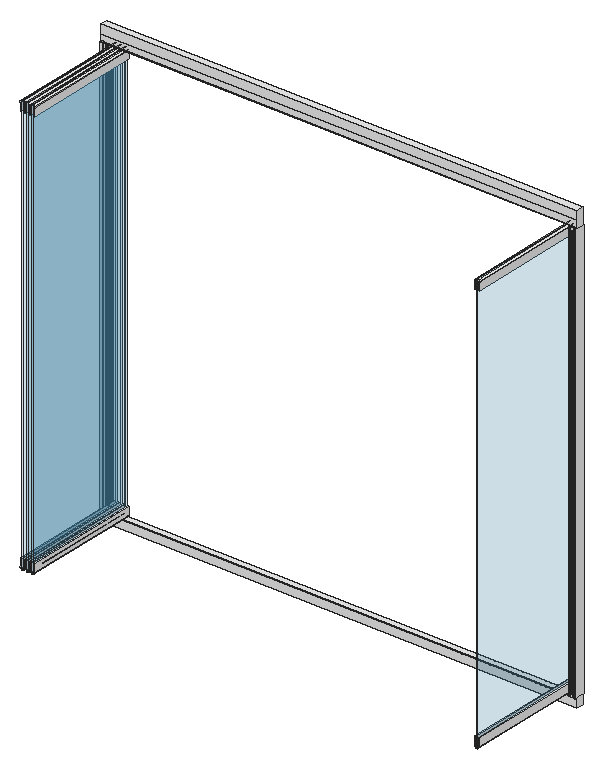
Revit family "98127", category Windows, host Wall, Revit 2018 (continued)
Definition of nested family "Header_SL-25"
  Definition of nested family "Detail Item_Header_SL-25"
    Lines and regions (in)
      model lines, in view "Ref. Level"
        curve 590: line (-0.37712, -6.81083, 0) -> (-0.42625, -6.81083, 0)
        curve 591: line (-0.42625, -6.81083, 0) -> (-0.37712, -6.81083, 0)
        curve 592: line (-0.27622, -6.77983, 0) -> (-0.2552, -6.75881, 0)
        curve 593: line (-0.50375, -6.69458, 0) -> (-0.50375, -6.22958, 0)
        curve 594: line (-0.50375, -6.22958, 0) -> (-0.50375, -6.69458, 0)
        curve 595: line (-0.50375, -6.69458, 0) -> (-0.50375, -6.22958, 0)
        curve 596: line (-0.44562, -5.00896, 0) -> (-0.44562, -5.24146, 0)
        curve 597: line (-0.44562, -5.24146, 0) -> (-0.44562, -5.00896, 0)
        curve 598: line (-0.44562, -5.00896, 0) -> (-0.44562, -5.24146, 0)
        curve 599: line (0.32163, -6.90771, 0) -> (0.32163, -6.92708, 0)
        curve 600: line (0.32163, -6.92708, 0) -> (0.39719, -6.92708, 0)
        curve 601: line (0.39719, -6.92708, 0) -> (0.43059, -6.83531, 0)
        curve 602: line (0.32938, -4.19521, 0) -> (0.39525, -4.19521, 0)
        curve 603: line (0.39525, -4.19521, 0) -> (0.39525, -4.23396, 0)
        curve 604: line (0.39525, -4.23396, 0) -> (0.34875, -4.23396, 0)
        curve 605: line (0.34875, -4.23396, 0) -> (0.34875, -4.29208, 0)
        curve 606: line (0.34875, -4.29208, 0) -> (0.56188, -4.29208, 0)
        curve 607: line (0.56188, -4.29208, 0) -> (0.56188, -4.23396, 0)
        curve 608: line (0.56188, -4.23396, 0) -> (0.51538, -4.23396, 0)
        curve 609: line (0.51538, -4.23396, 0) -> (0.51538, -4.19521, 0)
        curve 610: line (0.51538, -4.19521, 0) -> (0.62, -4.19521, 0)
        curve 611: line (0.62, -4.19521, 0) -> (0.62, -6.83021, 0)
        curve 612: line (0.29062, -4.23396, 0) -> (0.29062, -4.30018, 0)
        curve 613: line (0.40874, -4.36157, 0) -> (0.31935, -4.33761, 0)
        curve 614: line (0.50375, -4.34246, 0) -> (0.43666, -4.34246, 0)
        curve 615: line (0.43666, -4.34246, 0) -> (0.41573, -4.36002, 0)
        curve 616: line (0.5425, -6.83021, 0) -> (0.5425, -4.38121, 0)
        curve 617: line (0.44459, -6.83408, 0) -> (0.4855, -6.90495, 0)
        curve 618: line (0.89125, -1.12767, 0) -> (0.89125, -1.37274, 0)
        curve 619: line (-0.89125, -1.12767, 0) -> (-0.89125, -1.37274, 0)
        curve 620: line (-0.89125, -1.51517, 0) -> (-0.89125, -1.76024, 0)
        curve 621: line (-0.90094, -1.92348, 0) -> (-0.90094, -2.08333, 0)
        curve 622: line (-0.94937, -2.10271, 0) -> (-0.92031, -2.10271, 0)
        curve 623: line (0.89125, -1.51517, 0) -> (0.89125, -1.76024, 0)
        curve 624: line (0.90094, -1.92348, 0) -> (0.90094, -2.08333, 0)
        curve 625: line (0.92031, -2.10271, 0) -> (0.94938, -2.10271, 0)
        curve 626: line (-0.27706, -0.25821, 0) -> (-0.33906, -0.25821, 0)
        curve 627: line (-0.33906, -0.25821, 0) -> (-0.33906, -0.32796, 0)
        curve 628: line (-0.33906, -0.32796, 0) -> (-0.21312, -0.32796, 0)
        curve 629: line (-0.41656, -0.31633, 0) -> (-0.41656, -0.22333, 0)
        curve 630: line (-0.89125, -0.74017, 0) -> (-0.89125, -0.98524, 0)
        curve 631: line (-0.89125, -0.38949, 0) -> (-0.89125, -0.59774, 0)
        curve 632: line (-0.81808, -0.31823, 0) -> (-0.81347, -0.33543, 0)
        curve 633: line (-0.21312, -0.40546, 0) -> (-0.52312, -0.40546, 0)
        curve 634: line (-0.52312, -0.33571, 0) -> (-0.43594, -0.33571, 0)
        curve 635: line (-0.5425, -0.38608, 0) -> (-0.5425, -0.35508, 0)
        curve 636: line (-0.19375, -0.34733, 0) -> (-0.19375, -0.38608, 0)
        curve 637: line (-0.96875, -2.08333, 0) -> (-0.96875, -0.01021, 0)
        curve 638: line (-0.96875, -0.01021, 0) -> (-0.91062, -0.01021, 0)
        curve 639: line (-0.91062, -0.01021, 0) -> (-0.91062, -0.12646, 0)
        curve 640: line (-0.91062, -0.12646, 0) -> (-0.34681, -0.12646, 0)
        curve 641: line (-0.43594, -0.20396, 0) -> (-0.70572, -0.20396, 0)
        curve 642: line (-0.75978, -0.28173, 0) -> (-0.77698, -0.27713, 0)
        curve 643: line (0.25769, -0.23883, 0) -> (0.25769, -0.06058, 0)
        curve 644: line (0.25769, -0.06058, 0) -> (0.02014, -0.06058, 0)
        curve 645: line (0.02014, -0.06058, 0) -> (0, -0.04896, 0)
        curve 646: line (0, -0.04896, 0) -> (-0.02014, -0.06058, 0)
        curve 647: line (-0.02014, -0.06058, 0) -> (-0.25769, -0.06058, 0)
        curve 648: line (-0.25769, -0.06058, 0) -> (-0.25769, -0.23883, 0)
        curve 649: line (0.41656, -0.31633, 0) -> (0.41656, -0.22333, 0)
        curve 650: line (0.27706, -0.25821, 0) -> (0.33906, -0.25821, 0)
        curve 651: line (0.33906, -0.25821, 0) -> (0.33906, -0.32796, 0)
        curve 652: line (0.33906, -0.32796, 0) -> (0.21313, -0.32796, 0)
        curve 653: line (0.21313, -0.40546, 0) -> (0.52313, -0.40546, 0)
        curve 654: line (0.19375, -0.34733, 0) -> (0.19375, -0.38608, 0)
        curve 655: line (0.52313, -0.33571, 0) -> (0.43594, -0.33571, 0)
        curve 656: line (0.5425, -0.38608, 0) -> (0.5425, -0.35508, 0)
        curve 657: line (0.89125, -0.74017, 0) -> (0.89125, -0.98524, 0)
        curve 658: line (0.89125, -0.38949, 0) -> (0.89125, -0.59774, 0)
        curve 659: line (0.81808, -0.31823, 0) -> (0.81347, -0.33543, 0)
        curve 660: line (0.96875, -2.08333, 0) -> (0.96875, -0.01021, 0)
        curve 661: line (0.96875, -0.01021, 0) -> (0.91062, -0.01021, 0)
        curve 662: line (0.91062, -0.01021, 0) -> (0.91062, -0.12646, 0)
        curve 663: line (0.91062, -0.12646, 0) -> (0.34681, -0.12646, 0)
        curve 664: line (0.34681, -0.12646, 0) -> (0.34681, 0.02854, 0)
        curve 665: line (0.34681, 0.02854, 0) -> (-0.34681, 0.02854, 0)
        curve 666: line (-0.34681, 0.02854, 0) -> (-0.34681, -0.12646, 0)
        curve 667: line (0.43594, -0.20396, 0) -> (0.70572, -0.20396, 0)
        curve 668: line (0.75978, -0.28173, 0) -> (0.77698, -0.27713, 0)
        curve 669: line (-0.155, -0.32796, 0) -> (-0.155, -0.82783, 0)
        curve 670: line (-0.12594, -0.34346, 0) -> (-0.12594, -0.82783, 0)
        curve 671: line (0.12594, -0.34346, 0) -> (0.12594, -0.82783, 0)
        curve 672: line (0.155, -0.32796, 0) -> (0.155, -0.82783, 0)
        curve 673: line (0.25188, -1.06033, 0) -> (0.25188, -0.82783, 0)
        curve 674: line (0.25188, -0.82783, 0) -> (-0.25188, -0.82783, 0)
        curve 675: line (-0.25188, -0.82783, 0) -> (-0.25188, -1.06033, 0)
        curve 676: line (-0.25188, -1.03784, 0) -> (-0.22273, -1.04666, 0)
        curve 677: line (-0.22273, -1.04666, 0) -> (-0.1947, -1.05328, 0)
        curve 678: line (-0.1947, -1.05328, 0) -> (-0.16713, -1.05776, 0)
        curve 679: line (-0.16713, -1.05776, 0) -> (-0.13967, -1.06004, 0)
        curve 680: line (-0.13967, -1.06004, 0) -> (-0.11221, -1.06004, 0)
        curve 681: line (-0.11221, -1.06004, 0) -> (-0.08474, -1.05776, 0)
        curve 682: line (-0.08474, -1.05776, 0) -> (-0.05717, -1.05328, 0)
        curve 683: line (-0.05717, -1.05328, 0) -> (-0.02915, -1.04666, 0)
        curve 684: line (-0.02915, -1.04666, 0) -> (0, -1.03784, 0)
        curve 685: line (0.20203, -1.13783, 0) -> (-0.20203, -1.13783, 0)
        curve 686: line (-0.23726, -1.07154, 0) -> (-0.21278, -1.13066, 0)
        curve 687: line (-0.21278, -1.13066, 0) -> (0.21278, -1.13066, 0)
        curve 688: line (0.21278, -1.13066, 0) -> (0.23726, -1.07154, 0)
        curve 689: line (0.23726, -1.07154, 0) -> (-0.23726, -1.07154, 0)
        curve 690: line (0.25188, -1.06033, 0) -> (0.24219, -1.06592, 0)
        curve 691: line (0.24219, -1.06592, 0) -> (-0.24219, -1.06592, 0)
        curve 692: line (-0.24219, -1.06592, 0) -> (-0.25188, -1.06033, 0)
        curve 693: line (0.25188, -1.03784, 0) -> (0.22568, -1.04585, 0)
        curve 694: line (0.22568, -1.04585, 0) -> (0.20042, -1.05209, 0)
        curve 695: line (0.20042, -1.05209, 0) -> (0.17554, -1.05662, 0)
        curve 696: line (0.17554, -1.05662, 0) -> (0.15074, -1.05939, 0)
        curve 697: line (0.15074, -1.05939, 0) -> (0.12594, -1.06033, 0)
        curve 698: line (0.12594, -1.06033, 0) -> (0.101, -1.05938, 0)
        curve 699: line (0.101, -1.05938, 0) -> (0.07612, -1.05659, 0)
        curve 700: line (0.07612, -1.05659, 0) -> (0.0512, -1.05203, 0)
        curve 701: line (0.0512, -1.05203, 0) -> (0.026, -1.0458, 0)
        curve 702: line (0.026, -1.0458, 0) -> (0, -1.03784, 0)
        curve 703: line (0, -1.03784, 0) -> (0, -0.85033, 0)
        curve 704: line (0, -0.85033, 0) -> (-0.02635, -0.84227, 0)
        curve 705: line (-0.02635, -0.84227, 0) -> (-0.05166, -0.83603, 0)
        curve 706: line (-0.05166, -0.83603, 0) -> (-0.07652, -0.83152, 0)
        curve 707: line (-0.07652, -0.83152, 0) -> (-0.10124, -0.82876, 0)
        curve 708: line (-0.10124, -0.82876, 0) -> (-0.12594, -0.82783, 0)
        curve 709: line (-0.12594, -0.82783, 0) -> (-0.15064, -0.82876, 0)
        curve 710: line (-0.15064, -0.82876, 0) -> (-0.17536, -0.83152, 0)
        curve 711: line (-0.17536, -0.83152, 0) -> (-0.20022, -0.83603, 0)
        curve 712: line (-0.20022, -0.83603, 0) -> (-0.22553, -0.84227, 0)
        curve 713: line (-0.22553, -0.84227, 0) -> (-0.25188, -0.85033, 0)
        curve 714: line (0.25188, -0.85033, 0) -> (0.22568, -0.84231, 0)
        curve 715: line (0.22568, -0.84231, 0) -> (0.20042, -0.83608, 0)
        curve 716: line (0.20042, -0.83608, 0) -> (0.17554, -0.83154, 0)
        curve 717: line (0.17554, -0.83154, 0) -> (0.15074, -0.82877, 0)
        curve 718: line (0.15074, -0.82877, 0) -> (0.12594, -0.82783, 0)
        curve 719: line (0.12594, -0.82783, 0) -> (0.101, -0.82878, 0)
        curve 720: line (0.101, -0.82878, 0) -> (0.07612, -0.83158, 0)
        curve 721: line (0.07612, -0.83158, 0) -> (0.0512, -0.83613, 0)
        curve 722: line (0.0512, -0.83613, 0) -> (0.026, -0.84237, 0)
        curve 723: line (0.026, -0.84237, 0) -> (0, -0.85033, 0)
        curve 724: line (0.155, -0.34346, 0) -> (-0.155, -0.34346, 0)
        curve 725: line (0.2325, -0.07221, 0) -> (-0.2325, -0.07221, 0)
        curve 726: line (0.31, -0.32796, 0) -> (-0.31, -0.32796, 0)
        curve 727: line (-0.31, -0.32796, 0) -> (-0.31, -0.26596, 0)
        curve 728: line (-0.31, -0.26596, 0) -> (0.31, -0.26596, 0)
        curve 729: line (0.31, -0.26596, 0) -> (0.31, -0.32796, 0)
        curve 730: line (-0.25187, -0.09158, 0) -> (-0.25187, -0.26596, 0)
        curve 731: line (0.25188, -0.09158, 0) -> (0.25188, -0.26596, 0)
        curve 732: line (0.60644, -3.96271, 0) -> (0.60644, -3.92396, 0)
        curve 733: line (0.60644, -3.92396, 0) -> (0.42044, -3.92396, 0)
        curve 734: line (0.42044, -3.92396, 0) -> (0.42044, -3.96271, 0)
        curve 735: line (0.42044, -3.96271, 0) -> (0.60644, -3.96271, 0)
        curve 736: line (0.47409, -3.96271, 0) -> (0.43309, -4.19521, 0)
        curve 737: line (0.49376, -3.96271, 0) -> (0.45277, -4.19521, 0)
        curve 738: line (0.51344, -4.19521, 0) -> (0.51344, -3.96271, 0)
        curve 739: line (0.51344, -3.96271, 0) -> (0.47244, -4.19521, 0)
        curve 740: line (0.51344, -3.96271, 0) -> (0.55443, -4.19521, 0)
        curve 741: line (0.53311, -3.96271, 0) -> (0.57411, -4.19521, 0)
        curve 742: line (0.55279, -3.96271, 0) -> (0.59378, -4.19521, 0)
        curve 743: line (-0.42044, -3.96271, 0) -> (-0.42044, -3.92396, 0)
        curve 744: line (-0.42044, -3.92396, 0) -> (-0.60644, -3.92396, 0)
        curve 745: line (-0.60644, -3.92396, 0) -> (-0.60644, -3.96271, 0)
        curve 746: line (-0.60644, -3.96271, 0) -> (-0.42044, -3.96271, 0)
        curve 747: line (-0.55279, -3.96271, 0) -> (-0.59378, -4.19521, 0)
        curve 748: line (-0.53311, -3.96271, 0) -> (-0.57411, -4.19521, 0)
        curve 749: line (-0.51344, -4.19521, 0) -> (-0.51344, -3.96271, 0)
        curve 750: line (-0.51344, -3.96271, 0) -> (-0.55443, -4.19521, 0)
        curve 751: line (-0.51344, -3.96271, 0) -> (-0.47244, -4.19521, 0)
        curve 752: line (-0.49376, -3.96271, 0) -> (-0.45277, -4.19521, 0)
        curve 753: line (-0.47409, -3.96271, 0) -> (-0.43309, -4.19521, 0)
        curve 754: line (-0.19375, -6.92708, 0) -> (-0.19375, -6.94978, 0)
        curve 755: line (-0.19375, -6.86896, 0) -> (-0.20507, -6.90291, 0)
        curve 756: line (-0.19375, -6.81083, 0) -> (-0.20507, -6.84479, 0)
        curve 757: line (-0.19502, -6.75653, 0) -> (-0.20507, -6.78666, 0)
        curve 758: line (-0.20295, -6.73408, 0) -> (-0.21006, -6.72953, 0)
        curve 759: line (-0.23683, -6.73539, 0) -> (-0.26819, -6.78433, 0)
        curve 760: line (-0.26819, -6.91484, 0) -> (-0.25187, -6.9403, 0)
        curve 761: line (-0.25187, -6.94368, 0) -> (-0.25187, -6.96583, 0)
        curve 762: line (-0.25187, -6.96583, 0) -> (-0.25187, -6.97718, 0)
        curve 763: line (-0.2188, -6.99088, 0) -> (-0.2051, -6.97718, 0)
        curve 764: line (-0.29062, -6.28771, 0) -> (-0.29062, -6.29546, 0)
        curve 765: line (-0.29062, -6.33421, 0) -> (-0.29062, -6.51246, 0)
        curve 766: line (-0.29062, -6.55121, 0) -> (-0.29062, -6.55896, 0)
        curve 767: line (-0.42625, -6.61708, 0) -> (-0.42625, -6.69458, 0)
        curve 768: line (-0.42625, -6.69458, 0) -> (-0.42625, -6.61708, 0)
        curve 769: line (-0.42625, -6.61708, 0) -> (-0.43804, -6.61708, 0)
        curve 770: line (-0.43804, -6.61708, 0) -> (-0.48437, -6.61708, 0)
        curve 771: line (-0.48437, -6.61708, 0) -> (-0.48437, -6.53958, 0)
        curve 772: line (-0.48437, -6.53721, 0) -> (-0.48437, -6.5202, 0)
        curve 773: line (-0.48437, -6.5202, 0) -> (-0.48437, -6.42333, 0)
        curve 774: line (-0.48437, -6.42333, 0) -> (-0.48437, -6.32646, 0)
        curve 775: line (-0.48437, -6.32646, 0) -> (-0.48437, -6.30946, 0)
        curve 776: line (-0.48437, -6.30708, 0) -> (-0.48437, -6.22958, 0)
        curve 777: line (-0.48437, -6.22958, 0) -> (-0.43804, -6.22958, 0)
        curve 778: line (-0.43804, -6.22958, 0) -> (-0.29062, -6.22958, 0)
        curve 779: line (-0.34875, -6.61708, 0) -> (-0.29062, -6.61708, 0)
        curve 780: line (-0.2325, -6.29546, 0) -> (-0.29837, -6.29546, 0)
        curve 781: line (-0.29837, -6.29546, 0) -> (-0.29837, -6.26446, 0)
        curve 782: line (-0.31, -6.25774, 0) -> (-0.40486, -6.31251, 0)
        curve 783: line (-0.39905, -6.33421, 0) -> (-0.2325, -6.33421, 0)
        curve 784: line (-0.2325, -6.51246, 0) -> (-0.39905, -6.51246, 0)
        curve 785: line (-0.40486, -6.53415, 0) -> (-0.31, -6.58892, 0)
        curve 786: line (-0.29837, -6.58221, 0) -> (-0.29837, -6.55121, 0)
        curve 787: line (-0.29837, -6.55121, 0) -> (-0.2325, -6.55121, 0)
        curve 788: line (-0.19375, -5.51271, 0) -> (-0.19375, -5.47396, 0)
        curve 789: line (-0.19375, -5.47396, 0) -> (-0.2325, -5.47396, 0)
        curve 790: line (-0.2325, -5.47396, 0) -> (-0.2325, -5.70646, 0)
        curve 791: line (-0.2325, -5.70646, 0) -> (-0.2325, -5.91958, 0)
        curve 792: line (-0.2325, -5.91958, 0) -> (-0.2325, -6.15208, 0)
        curve 793: line (-0.2325, -6.15208, 0) -> (-0.2325, -6.26833, 0)
        curve 794: line (-0.2325, -6.26833, 0) -> (-0.2325, -6.57833, 0)
        curve 795: line (-0.2325, -6.57833, 0) -> (-0.2325, -6.70401, 0)
        curve 796: line (-0.2325, -6.65583, 0) -> (-0.21312, -6.65583, 0)
        curve 797: line (-0.21312, -6.65583, 0) -> (-0.19375, -6.61708, 0)
        curve 798: line (-0.19375, -6.61708, 0) -> (-0.19375, -5.59021, 0)
        curve 799: line (-0.19375, -5.59021, 0) -> (-0.19375, -5.51271, 0)
        curve 800: line (-0.19375, -5.51271, 0) -> (0.19375, -5.51271, 0)
        curve 801: line (0.19375, -5.51271, 0) -> (0.19375, -5.47396, 0)
        curve 802: line (0.19375, -5.47396, 0) -> (-0.19375, -5.47396, 0)
        curve 803: line (0.52506, -6.84705, 0) -> (0.52506, -6.82702, 0)
        curve 804: line (0.52506, -6.82702, 0) -> (0.50676, -6.79531, 0)
        curve 805: line (0.39719, -6.82246, 0) -> (0.45531, -6.82246, 0)
        curve 806: line (0.45531, -6.82246, 0) -> (0.47695, -6.85994, 0)
        curve 807: line (0.37781, -6.79146, 0) -> (0.37781, -6.80308, 0)
        curve 808: line (0.14531, -5.27052, 0) -> (0.14531, -5.32864, 0)
        curve 809: line (0.36813, -4.43933, 0) -> (0.37781, -4.43933, 0)
        curve 810: line (0.37781, -4.43933, 0) -> (0.37781, -5.13734, 0)
        curve 811: line (0.37781, -5.13734, 0) -> (0.24219, -5.25114, 0)
        curve 812: line (0.24219, -5.25114, 0) -> (0.16469, -5.25114, 0)
        curve 813: line (0.34875, -4.40058, 0) -> (0.34875, -4.41996, 0)
        curve 814: line (0.42869, -4.35939, 0) -> (0.40688, -4.38121, 0)
        curve 815: line (0.40688, -4.38121, 0) -> (0.36813, -4.38121, 0)
        curve 816: line (0.45531, -6.24896, 0) -> (0.45531, -6.22958, 0)
        curve 817: line (0.45531, -6.22958, 0) -> (0.47469, -6.21021, 0)
        curve 818: line (0.47469, -6.21021, 0) -> (0.47469, -5.41665, 0)
        curve 819: line (0.47469, -5.41665, 0) -> (0.35844, -5.3191, 0)
        curve 820: line (0.35844, -5.3191, 0) -> (0.35844, -5.28006, 0)
        curve 821: line (0.35844, -5.28006, 0) -> (0.47469, -5.18251, 0)
        curve 822: line (0.47469, -5.18251, 0) -> (0.47469, -4.81597, 0)
        curve 823: line (0.47469, -4.81597, 0) -> (0.46306, -4.79583, 0)
        curve 824: line (0.46306, -4.79583, 0) -> (0.47469, -4.7757, 0)
        curve 825: line (0.47469, -4.7757, 0) -> (0.47469, -4.44708, 0)
        curve 826: line (0.47469, -4.44708, 0) -> (0.50569, -4.44708, 0)
        curve 827: line (0.27125, -4.92177, 0) -> (0.27125, -4.66989, 0)
        curve 828: line (-0.34875, -4.778, 0) -> (-0.34875, -4.81366, 0)
        curve 829: line (0.27125, -4.52458, 0) -> (0.27125, -4.7757, 0)
        curve 830: line (0.27125, -4.7757, 0) -> (0.27125, -4.81597, 0)
        curve 831: line (0.155, -3.18771, 0) -> (0.155, -3.20771, 0)
        curve 832: line (-0.155, -3.18771, 0) -> (-0.155, -3.20771, 0)
        curve 833: line (-0.32937, -3.38146, 0) -> (-0.38033, -3.35204, 0)
        curve 834: line (-0.38033, -3.35204, 0) -> (-0.38033, -3.21713, 0)
        curve 835: line (-0.38033, -3.21713, 0) -> (-0.32937, -3.18771, 0)
        curve 836: line (-0.32937, -3.18771, 0) -> (-0.31, -3.18771, 0)
        curve 837: line (-0.31, -3.18771, 0) -> (-0.28525, -3.18771, 0)
        curve 838: line (-0.28525, -3.18771, 0) -> (0, -3.18771, 0)
        curve 839: line (0, -3.18771, 0) -> (0.28525, -3.18771, 0)
        curve 840: line (0.28525, -3.18771, 0) -> (0.31, -3.18771, 0)
        curve 841: line (0.31, -3.18771, 0) -> (0.32937, -3.18771, 0)
        curve 842: line (0.32937, -3.18771, 0) -> (0.38033, -3.21713, 0)
        curve 843: line (0.38033, -3.21713, 0) -> (0.38033, -3.35204, 0)
        curve 844: line (0.32938, -3.38146, 0) -> (0.33664, -3.37726, 0)
        curve 845: line (0.33664, -3.37726, 0) -> (0.38033, -3.35204, 0)
        curve 846: line (-0.19016, -3.21713, 0) -> (-0.19016, -3.35204, 0)
        curve 847: line (0.19016, -3.21713, 0) -> (0.19016, -3.35204, 0)
        curve 848: line (-0.3875, -2.49021, 0) -> (-0.3875, -2.36837, 0)
        curve 849: line (-0.3875, -2.36837, 0) -> (-0.3875, -2.49021, 0)
        curve 850: line (0.3875, -2.49021, 0) -> (0.3875, -2.36837, 0)
        curve 851: line (0.3875, -2.36837, 0) -> (0.3875, -2.49021, 0)
        curve 852: line (0.3875, -3.16833, 0) -> (0.3875, -2.98837, 0)
        curve 853: line (0.3875, -2.98837, 0) -> (0.3875, -3.16833, 0)
        curve 854: line (0.3875, -3.16833, 0) -> (0.32938, -3.16833, 0)
        curve 855: line (0.32938, -3.16833, 0) -> (-0.32937, -3.16833, 0)
        curve 856: line (-0.32937, -3.16833, 0) -> (-0.3875, -3.16833, 0)
        curve 857: line (-0.3875, -3.16833, 0) -> (-0.3875, -2.98837, 0)
        curve 858: line (-0.3875, -2.98837, 0) -> (-0.3875, -3.16833, 0)
        curve 859: line (-0.31, -3.18771, 0) -> (-0.32937, -3.16833, 0)
        curve 860: line (-0.32937, -3.16833, 0) -> (-0.31, -3.18771, 0)
        curve 861: line (0.31, -3.18771, 0) -> (0.32938, -3.16833, 0)
        curve 862: line (0.32938, -3.16833, 0) -> (0.31, -3.18771, 0)
        curve 863: line (0.65132, -3.82708, 0) -> (0.65907, -3.78313, 0)
        curve 864: line (0.62, -3.18771, 0) -> (0.62, -3.24583, 0)
        curve 865: line (0.6665, -3.82708, 0) -> (0.6665, -3.16833, 0)
        curve 866: line (0.6665, -3.16833, 0) -> (0.63938, -3.16833, 0)
        curve 867: line (0.52313, -3.74958, 0) -> (0.53475, -3.74958, 0)
        curve 868: line (0.53475, -3.74958, 0) -> (0.53475, -3.70563, 0)
        curve 869: line (0.53475, -3.70563, 0) -> (0.52313, -3.70563, 0)
        curve 870: line (0.73625, -3.82708, 0) -> (0.53475, -3.82708, 0)
        curve 871: line (0.53475, -3.82708, 0) -> (0.53475, -3.78313, 0)
        curve 872: line (0.53475, -3.78313, 0) -> (0.53475, -3.74958, 0)
        curve 873: line (0.52313, -3.36728, 0) -> (0.53475, -3.36728, 0)
        curve 874: line (0.53475, -3.36728, 0) -> (0.53475, -3.28978, 0)
        curve 875: line (0.53475, -3.28978, 0) -> (0.53475, -3.24583, 0)
        curve 876: line (0.53475, -3.24583, 0) -> (0.65132, -3.24583, 0)
        curve 877: line (0.65132, -3.24583, 0) -> (0.65907, -3.28978, 0)
        curve 878: line (0.65907, -3.28978, 0) -> (0.65907, -3.78313, 0)
        curve 879: line (0.65907, -3.78313, 0) -> (0.65132, -3.78313, 0)
        curve 880: line (0.65132, -3.78313, 0) -> (0.53475, -3.78313, 0)
        curve 881: line (0.73625, -3.24583, 0) -> (0.6975, -3.24583, 0)
        curve 882: line (0.6975, -3.24583, 0) -> (0.6975, -3.18771, 0)
        curve 883: line (0.53475, -3.32333, 0) -> (0.52313, -3.32333, 0)
        curve 884: line (0.465, -3.32333, 0) -> (0.44563, -3.32333, 0)
        curve 885: line (0.44563, -3.32333, 0) -> (0.3875, -3.32333, 0)
        curve 886: line (0.3875, -3.32333, 0) -> (0.3875, -3.74958, 0)
        curve 887: line (0.3875, -3.74958, 0) -> (0.44563, -3.74958, 0)
        curve 888: line (0.44563, -3.74958, 0) -> (0.465, -3.74958, 0)
        curve 889: line (0.53475, -3.28978, 0) -> (0.65132, -3.28978, 0)
        curve 890: line (0.65132, -3.28978, 0) -> (0.65907, -3.28978, 0)
        curve 891: line (0.44563, -3.32333, 0) -> (0.44563, -3.74958, 0)
        curve 892: line (0.45225, -2.98837, 0) -> (0.47547, -2.97992, 0)
        curve 893: line (0.47547, -2.97992, 0) -> (0.45225, -2.98837, 0)
        curve 894: line (0.45225, -2.98837, 0) -> (-0.45225, -2.98837, 0)
        curve 895: line (-0.45225, -2.98837, 0) -> (-0.6572, -2.91377, 0)
        curve 896: line (-0.6572, -2.91377, 0) -> (-0.6975, -2.87347, 0)
        curve 897: line (-0.6975, -2.87347, 0) -> (-0.6975, -2.50958, 0)
        curve 898: line (-0.6975, -2.50958, 0) -> (-0.67812, -2.49021, 0)
        curve 899: line (-0.67812, -2.49021, 0) -> (-0.6975, -2.50958, 0)
        curve 900: line (-0.6975, -2.50958, 0) -> (-0.6975, -2.87347, 0)
        curve 901: line (-0.6975, -2.87347, 0) -> (-0.6572, -2.91377, 0)
        curve 902: line (-0.6572, -2.91377, 0) -> (-0.45225, -2.98837, 0)
        curve 903: line (0.67813, -2.49021, 0) -> (0.6975, -2.50958, 0)
        curve 904: line (0.6975, -2.50958, 0) -> (0.6975, -2.87347, 0)
        curve 905: line (0.6975, -2.87347, 0) -> (0.65758, -2.91339, 0)
        curve 906: line (0.65758, -2.91339, 0) -> (0.6975, -2.87347, 0)
        curve 907: line (0.6975, -2.87347, 0) -> (0.6975, -2.50958, 0)
        curve 908: line (0.6975, -2.50958, 0) -> (0.67813, -2.49021, 0)
        curve 909: line (0.67813, -2.49021, 0) -> (0.66069, -2.49021, 0)
        curve 910: line (0.66069, -2.49021, 0) -> (-0.66069, -2.49021, 0)
        curve 911: line (-0.66069, -2.49021, 0) -> (-0.67812, -2.49021, 0)
        curve 912: line (0.6975, -2.87347, 0) -> (-0.6975, -2.87347, 0)
        curve 913: line (0.65653, -2.91377, 0) -> (-0.6572, -2.91377, 0)
        curve 914: line (0.6975, -2.50958, 0) -> (0.61225, -2.50958, 0)
        curve 915: line (0.61225, -2.50958, 0) -> (0.59094, -2.50958, 0)
        curve 916: line (0.59094, -2.50958, 0) -> (-0.59094, -2.50958, 0)
        curve 917: line (-0.59094, -2.50958, 0) -> (-0.61225, -2.50958, 0)
        curve 918: line (-0.61225, -2.50958, 0) -> (-0.6975, -2.50958, 0)
        curve 919: line (-0.67812, -1.87021, 0) -> (-0.66069, -1.87021, 0)
        curve 920: line (-0.66069, -1.87021, 0) -> (-0.38749, -1.87021, 0)
        curve 921: line (-0.38749, -1.87021, 0) -> (0, -1.87021, 0)
        curve 922: line (0, -1.87021, 0) -> (0.38749, -1.87021, 0)
        curve 923: line (0.38749, -1.87021, 0) -> (0.66069, -1.87021, 0)
        curve 924: line (0.66069, -1.87021, 0) -> (0.67813, -1.87021, 0)
        curve 925: line (0.67813, -1.87021, 0) -> (0.6975, -1.88958, 0)
        curve 926: line (0.6975, -1.88958, 0) -> (0.6975, -2.25347, 0)
        curve 927: line (0.6975, -2.25347, 0) -> (0.6572, -2.29377, 0)
        curve 928: line (0.6572, -2.29377, 0) -> (0.45225, -2.36837, 0)
        curve 929: line (-0.6975, -1.88958, 0) -> (-0.6975, -2.25347, 0)
        curve 930: line (-0.6975, -2.25347, 0) -> (-0.65758, -2.29339, 0)
        curve 931: line (0.67813, -1.87021, 0) -> (0.6975, -1.88958, 0)
        curve 932: line (0.6975, -1.88958, 0) -> (0.6975, -2.25347, 0)
        curve 933: line (0.6975, -2.25347, 0) -> (0.6572, -2.29377, 0)
        curve 934: line (0.6572, -2.29377, 0) -> (0.45225, -2.36837, 0)
        curve 935: line (0.45225, -2.36837, 0) -> (-0.45225, -2.36837, 0)
        curve 936: line (-0.45225, -2.36837, 0) -> (-0.47557, -2.35988, 0)
        curve 937: line (-0.47557, -2.35988, 0) -> (-0.45225, -2.36837, 0)
        curve 938: line (0.6975, -2.25347, 0) -> (-0.6975, -2.25347, 0)
        curve 939: line (0.6572, -2.29377, 0) -> (-0.65653, -2.29377, 0)
        curve 940: line (0.6975, -1.88958, 0) -> (0.61225, -1.88958, 0)
        curve 941: line (0.61225, -1.88958, 0) -> (0.59094, -1.88958, 0)
        curve 942: line (0.59094, -1.88958, 0) -> (0.38751, -1.88958, 0)
        curve 943: line (0.38751, -1.88958, 0) -> (-0.3875, -1.88958, 0)
        curve 944: line (-0.3875, -1.88958, 0) -> (-0.59094, -1.88958, 0)
        curve 945: line (-0.59094, -1.88958, 0) -> (-0.61225, -1.88958, 0)
        curve 946: line (-0.61225, -1.88958, 0) -> (-0.6975, -1.88958, 0)
        curve 947: line (-0.6975, -1.88958, 0) -> (-0.67812, -1.87021, 0)
        curve 948: line (-0.67812, -1.87021, 0) -> (-0.6975, -1.88958, 0)
        curve 949: line (-0.6975, -1.88958, 0) -> (-0.6975, -2.25347, 0)
        curve 950: line (-0.6975, -2.25347, 0) -> (-0.65758, -2.29339, 0)
        curve 951: line (0.27125, -4.7757, 0) -> (0.25963, -4.79583, 0)
        curve 952: line (0.25963, -4.79583, 0) -> (0.27125, -4.81597, 0)
        curve 953: line (0.27125, -4.81597, 0) -> (0.27125, -4.98958, 0)
        curve 954: line (0.27125, -4.98958, 0) -> (0.27125, -5.00896, 0)
        curve 955: line (0.27125, -5.00896, 0) -> (0.27125, -5.06708, 0)
        curve 956: line (-0.31, -5.10583, 0) -> (-0.02014, -5.10583, 0)
        curve 957: line (-0.02014, -5.10583, 0) -> (0, -5.09421, 0)
        curve 958: line (0, -5.09421, 0) -> (0.02014, -5.10583, 0)
        curve 959: line (0.02014, -5.10583, 0) -> (0.2325, -5.10583, 0)
        curve 960: line (-0.40687, -5.20271, 0) -> (-0.36812, -5.20271, 0)
        curve 961: line (-0.42625, -5.18333, 0) -> (-0.42625, -5.06708, 0)
        curve 962: line (-0.42625, -5.06708, 0) -> (-0.34875, -4.98958, 0)
        curve 963: line (-0.34875, -4.98958, 0) -> (-0.34875, -4.81597, 0)
        curve 964: line (-0.34875, -4.81597, 0) -> (-0.33712, -4.79583, 0)
        curve 965: line (-0.33712, -4.79583, 0) -> (-0.34875, -4.7757, 0)
        curve 966: line (-0.34875, -4.7757, 0) -> (-0.34875, -4.60208, 0)
        curve 967: line (-0.34875, -4.60208, 0) -> (-0.42625, -4.52458, 0)
        curve 968: line (-0.42625, -4.52458, 0) -> (-0.42625, -4.40833, 0)
        curve 969: line (0.33906, -3.38146, 0) -> (0.36813, -3.38146, 0)
        curve 970: line (0.36813, -3.69146, 0) -> (0.33906, -3.69146, 0)
        curve 971: line (0.33906, -3.69146, 0) -> (-0.34875, -3.69146, 0)
        curve 972: line (0.155, -4.21458, 0) -> (0.21312, -4.21458, 0)
        curve 973: line (0.21313, -4.21458, 0) -> (0.155, -4.21458, 0)
        curve 974: line (0.155, -4.21458, 0) -> (-0.155, -4.21458, 0)
        curve 975: line (-0.155, -4.21458, 0) -> (-0.21312, -4.21458, 0)
        curve 976: line (-0.21312, -4.21458, 0) -> (-0.155, -4.21458, 0)
        curve 977: line (-0.155, -4.21458, 0) -> (0.155, -4.21458, 0)
        curve 978: line (0.33906, -3.69146, 0) -> (-0.34875, -3.69146, 0)
        curve 979: line (0.23638, -3.38146, 0) -> (0.26034, -3.38146, 0)
        curve 980: line (0.26034, -3.38146, 0) -> (0.28525, -3.38146, 0)
        curve 981: line (0.28525, -3.38146, 0) -> (0.30952, -3.38146, 0)
        curve 982: line (0.30952, -3.38146, 0) -> (0.32938, -3.38146, 0)
        curve 983: line (0.32938, -3.38146, 0) -> (0.33906, -3.38146, 0)
        curve 984: line (0.33906, -3.38146, 0) -> (0.32938, -3.38146, 0)
        curve 985: line (0.32938, -3.38146, 0) -> (0.30952, -3.38146, 0)
        curve 986: line (0.30952, -3.38146, 0) -> (0.28525, -3.38146, 0)
        curve 987: line (0.28525, -3.38146, 0) -> (0.26034, -3.38146, 0)
        curve 988: line (0.26034, -3.38146, 0) -> (-0.67812, -3.38146, 0)
        curve 989: line (-0.67253, -3.38146, 0) -> (-0.63655, -3.38146, 0)
        curve 990: line (-0.63655, -3.38146, 0) -> (-0.67812, -3.38146, 0)
        curve 991: line (0.31, -4.05958, 0) -> (0.31, -4.09031, 0)
        curve 992: line (0.31, -4.09031, 0) -> (0.31, -4.05958, 0)
        curve 993: line (0.31, -4.05958, 0) -> (0.31, -3.73021, 0)
        curve 994: line (0.31, -3.73021, 0) -> (0.31, -4.05958, 0)
        curve 995: line (-0.31, -4.09031, 0) -> (-0.31, -4.05958, 0)
        curve 996: line (-0.31, -4.05958, 0) -> (-0.31, -3.73021, 0)
        curve 997: line (-0.31, -3.73021, 0) -> (-0.31, -4.05958, 0)
        curve 998: line (-0.31, -4.05958, 0) -> (-0.31, -4.09031, 0)
        curve 999: line (-0.2325, -4.46646, 0) -> (-0.2325, -4.23396, 0)
        curve 1000: line (-0.2325, -4.23396, 0) -> (-0.2325, -4.20793, 0)
        curve 1001: line (-0.30433, -4.10401, 0) -> (-0.2552, -4.15313, 0)
        curve 1002: line (0.2552, -4.15313, 0) -> (0.30433, -4.10401, 0)
        curve 1003: line (-0.6975, -3.40083, 0) -> (-0.6975, -3.67208, 0)
        curve 1004: line (0.2325, -4.46646, 0) -> (0.2325, -4.23396, 0)
        curve 1005: line (0.2325, -4.23396, 0) -> (0.2325, -4.20793, 0)
        curve 1006: line (-0.02014, -4.48583, 0) -> (0.02014, -4.48583, 0)
        curve 1007: line (0.67813, -3.16833, 0) -> (0.6665, -3.16833, 0)
        curve 1008: line (0.775, -3.28458, 0) -> (0.775, -3.78833, 0)
        curve 1009: line (0.155, -3.36145, 0) -> (0.155, -3.38146, 0)
        curve 1010: line (-0.155, -3.36145, 0) -> (-0.155, -3.38146, 0)
        curve 1011: line (0.47469, -5.18028, 0) -> (0.50569, -5.15427, 0)
        curve 1012: line (0.50569, -5.15427, 0) -> (0.50569, -5.21046, 0)
        curve 1013: line (0.50569, -5.21046, 0) -> (0.50569, -5.21932, 0)
        curve 1014: line (0.50569, -5.21932, 0) -> (0.50569, -5.29958, 0)
        curve 1015: line (0.50569, -5.29958, 0) -> (0.50569, -5.37984, 0)
        curve 1016: line (0.50569, -5.37984, 0) -> (0.50569, -5.38871, 0)
        curve 1017: line (0.50569, -5.38871, 0) -> (0.50569, -5.44489, 0)
        curve 1018: line (0.50569, -5.44489, 0) -> (0.47469, -5.41888, 0)
        curve 1019: line (0.16255, -5.35616, 0) -> (0.15605, -5.35616, 0)
        curve 1020: line (0.2168, -5.35616, 0) -> (0.20798, -5.35616, 0)
        curve 1021: line (0.25189, -5.35616, 0) -> (0.24011, -5.35616, 0)
        curve 1022: line (0.24501, -5.24301, 0) -> (0.23296, -5.24301, 0)
        curve 1023: line (0.19076, -5.24301, 0) -> (0.18201, -5.24301, 0)
        curve 1024: line (0.13651, -5.24301, 0) -> (0.13009, -5.24301, 0)
        curve 1025: line (0.05812, -5.24339, 0) -> (0.00194, -5.29958, 0)
        curve 1026: line (0.00194, -5.29958, 0) -> (0.05851, -5.35616, 0)
        curve 1027: line (0.05851, -5.35616, 0) -> (0.07412, -5.35616, 0)
        curve 1028: line (0.05851, -5.35616, 0) -> (0.05851, -5.29958, 0)
        curve 1029: line (0.05851, -5.29958, 0) -> (0.05851, -5.24339, 0)
        curve 1030: line (0.25495, -5.22456, 0) -> (0.25035, -5.23233, 0)
        curve 1031: line (0.25035, -5.23233, 0) -> (0.24614, -5.23936, 0)
        curve 1032: line (0.26181, -5.23226, 0) -> (0.25779, -5.22546, 0)
        curve 1033: line (0.21565, -5.35426, 0) -> (0.21901, -5.3598, 0)
        curve 1034: line (0.21901, -5.3598, 0) -> (0.22349, -5.36727, 0)
        curve 1035: line (0.1961, -5.23233, 0) -> (0.19188, -5.23937, 0)
        curve 1036: line (0.16132, -5.35414, 0) -> (0.16476, -5.3598, 0)
        curve 1037: line (0.16476, -5.3598, 0) -> (0.16897, -5.36683, 0)
        curve 1038: line (0.14185, -5.23233, 0) -> (0.13764, -5.23937, 0)
        curve 1039: line (0.10715, -5.35427, 0) -> (0.11051, -5.35979, 0)
        curve 1040: line (0.11051, -5.35979, 0) -> (0.11468, -5.36675, 0)
        curve 1041: line (0.0908, -5.22692, 0) -> (0.0876, -5.23233, 0)
        curve 1042: line (0.0876, -5.23233, 0) -> (0.08338, -5.23937, 0)
        curve 1043: line (0.32309, -7.03187, 0) -> (0.34734, -6.99742, 0)
        curve 1044: line (0.465, -6.98521, 0) -> (0.29062, -6.98521, 0)
        curve 1045: line (0.29062, -6.98521, 0) -> (0.29062, -6.88833, 0)
        curve 1046: line (0.29062, -6.88833, 0) -> (0.30225, -6.88833, 0)
        curve 1047: line (0.30225, -6.88833, 0) -> (0.29062, -6.88833, 0)
        curve 1048: line (0.29062, -6.88833, 0) -> (0.29062, -6.98521, 0)
        curve 1049: line (0.29062, -6.98521, 0) -> (0.341, -6.98521, 0)
        curve 1050: line (0.341, -6.98521, 0) -> (0.29062, -6.98521, 0)
        curve 1051: line (0.29062, -6.98521, 0) -> (0.29062, -6.88833, 0)
        curve 1052: line (0.29062, -6.88833, 0) -> (0.30225, -6.88833, 0)
        curve 1053: line (0.30225, -6.88833, 0) -> (0.31388, -6.88833, 0)
        curve 1054: line (0.31967, -6.87543, 0) -> (0.22084, -6.74241, 0)
        curve 1055: line (0.19551, -6.75987, 0) -> (0.25174, -6.91162, 0)
        curve 1056: line (0.21438, -6.99971, 0) -> (0.20765, -7.00267, 0)
        curve 1057: line (0.21851, -7.04716, 0) -> (0.3085, -7.04006, 0)
        curve 1058: line (0.19375, -7.85708, 0) -> (0.19375, -5.59021, 0)
        curve 1059: line (0.19375, -5.59021, 0) -> (0.13563, -5.53208, 0)
        curve 1060: line (0.13563, -5.53208, 0) -> (-0.13562, -5.53208, 0)
        curve 1061: line (-0.13562, -5.53208, 0) -> (-0.19375, -5.59021, 0)
        curve 1062: line (-0.19375, -5.59021, 0) -> (-0.19375, -7.85708, 0)
        curve 1063: line (0.51344, -6.24896, 0) -> (0.48438, -6.24896, 0)
        curve 1064: line (0.48344, -6.24896, 0) -> (0.3972, -6.24896, 0)
        curve 1065: line (0.3972, -6.24896, 0) -> (0.3148, -6.24896, 0)
        curve 1066: line (0.31001, -6.24896, 0) -> (0.28095, -6.24896, 0)
        curve 1067: line (0.28095, -6.24896, 0) -> (0.28095, -6.79146, 0)
        curve 1068: line (0.28095, -6.79146, 0) -> (0.34876, -6.79146, 0)
        curve 1069: line (0.34876, -6.79146, 0) -> (0.3972, -6.79146, 0)
        curve 1070: line (0.3972, -6.79146, 0) -> (0.44563, -6.79146, 0)
        curve 1071: line (0.44563, -6.79146, 0) -> (0.51344, -6.79146, 0)
        curve 1072: line (0.51344, -6.79146, 0) -> (0.51344, -6.24896, 0)
        curve 1073: line (0.16469, -5.34802, 0) -> (0.24219, -5.34802, 0)
        curve 1074: line (0.24219, -5.34802, 0) -> (0.37781, -5.46182, 0)
        curve 1075: line (0.37781, -5.46182, 0) -> (0.37781, -5.80333, 0)
        curve 1076: line (0.37781, -5.80333, 0) -> (0.37781, -6.24896, 0)
        curve 1077: line (0.37781, -6.24896, 0) -> (0.37781, -5.80333, 0)
        curve 1078: line (0.37781, -5.80333, 0) -> (0.30032, -5.64833, 0)
        curve 1079: line (0.30032, -5.64833, 0) -> (0.20345, -5.64833, 0)
        curve 1080: line (0.20345, -5.64833, 0) -> (0.20345, -6.71396, 0)
        curve 1081: line (0.20345, -6.71396, 0) -> (0.19375, -6.71396, 0)
        curve 1082: line (0.20345, -6.61708, 0) -> (0.19375, -6.61708, 0)
        curve 1083: line (0.19375, -6.61708, 0) -> (0.20345, -6.61708, 0)
        curve 1084: line (0.20345, -6.12302, 0) -> (0.19375, -6.12302, 0)
        curve 1085: line (0.28095, -6.71396, 0) -> (0.20345, -6.71396, 0)
        curve 1086: line (0.20345, -6.66545, 0) -> (0.19375, -6.66545, 0)
        curve 1087: line (0.19375, -6.6648, 0) -> (0.20345, -6.6648, 0)
        curve 1088: line (-0.27125, -4.48583, 0) -> (-0.29062, -4.48583, 0)
        curve 1089: line (-0.29062, -4.48583, 0) -> (-0.27125, -4.48583, 0)
        curve 1090: line (0.27125, -5.00896, 0) -> (0.27125, -4.98958, 0)
        curve 1091: line (0.27125, -4.98958, 0) -> (0.27125, -5.00896, 0)
        curve 1092: line (-0.58125, -6.83021, 0) -> (-0.58125, -4.19521, 0)
        curve 1093: line (-0.58125, -4.19521, 0) -> (-0.47662, -4.19521, 0)
        curve 1094: line (-0.47662, -4.19521, 0) -> (-0.47662, -4.23396, 0)
        curve 1095: line (-0.47662, -4.23396, 0) -> (-0.52312, -4.23396, 0)
        curve 1096: line (-0.52312, -4.23396, 0) -> (-0.52312, -4.29208, 0)
        curve 1097: line (-0.52312, -4.29208, 0) -> (-0.31, -4.29208, 0)
        curve 1098: line (-0.31, -4.29208, 0) -> (-0.31, -4.23396, 0)
        curve 1099: line (-0.31, -4.23396, 0) -> (-0.3565, -4.23396, 0)
        curve 1100: line (-0.3565, -4.23396, 0) -> (-0.3565, -4.19521, 0)
        curve 1101: line (-0.3565, -4.19521, 0) -> (-0.27125, -4.19521, 0)
        curve 1102: line (-0.27125, -4.19521, 0) -> (-0.3565, -4.19521, 0)
        curve 1103: line (-0.3565, -4.19521, 0) -> (-0.3565, -4.23396, 0)
        curve 1104: line (-0.3565, -4.23396, 0) -> (-0.31, -4.23396, 0)
        curve 1105: line (-0.31, -4.23396, 0) -> (-0.31, -4.29208, 0)
        curve 1106: line (-0.31, -4.29208, 0) -> (-0.52312, -4.29208, 0)
        curve 1107: line (-0.52312, -4.29208, 0) -> (-0.52312, -4.23396, 0)
        curve 1108: line (-0.52312, -4.23396, 0) -> (-0.47662, -4.23396, 0)
        curve 1109: line (-0.47662, -4.23396, 0) -> (-0.47662, -4.19521, 0)
        curve 1110: line (-0.47662, -4.19521, 0) -> (-0.58125, -4.19521, 0)
        curve 1111: line (-0.58125, -4.19521, 0) -> (-0.58125, -6.83021, 0)
        curve 1112: line (-0.58125, -6.83021, 0) -> (-0.58125, -4.19521, 0)
        curve 1113: line (-0.58125, -4.19521, 0) -> (-0.47662, -4.19521, 0)
        curve 1114: line (-0.47662, -4.19521, 0) -> (-0.47662, -4.23396, 0)
        curve 1115: line (-0.47662, -4.23396, 0) -> (-0.52312, -4.23396, 0)
        curve 1116: line (-0.52312, -4.23396, 0) -> (-0.52312, -4.29208, 0)
        curve 1117: line (-0.52312, -4.29208, 0) -> (-0.31, -4.29208, 0)
        curve 1118: line (-0.31, -4.29208, 0) -> (-0.31, -4.23396, 0)
        curve 1119: line (-0.31, -4.23396, 0) -> (-0.3565, -4.23396, 0)
        curve 1120: line (-0.3565, -4.23396, 0) -> (-0.3565, -4.19521, 0)
        curve 1121: line (-0.3565, -4.19521, 0) -> (-0.27125, -4.19521, 0)
        curve 1122: line (0.29062, -5.02833, 0) -> (0.29062, -5.09345, 0)
        curve 1123: line (0.29062, -5.09345, 0) -> (0.22969, -5.14458, 0)
        curve 1124: line (0.22969, -5.14458, 0) -> (-0.25187, -5.14458, 0)
        curve 1125: line (-0.25187, -5.14458, 0) -> (0.22969, -5.14458, 0)
        curve 1126: line (0.22969, -5.14458, 0) -> (0.29062, -5.09345, 0)
        curve 1127: line (0.29062, -5.09345, 0) -> (0.29062, -5.02833, 0)
        curve 1128: line (0.29062, -5.02833, 0) -> (0.29062, -5.09345, 0)
        curve 1129: line (0.29062, -5.09345, 0) -> (0.22969, -5.14458, 0)
        curve 1130: line (0.22969, -5.14458, 0) -> (-0.25187, -5.14458, 0)
        curve 1131: line (0.36813, -4.98958, 0) -> (0.36813, -5.12959, 0)
        curve 1132: line (0.36813, -5.12959, 0) -> (0.24839, -5.23006, 0)
        curve 1133: line (0.24839, -5.23006, 0) -> (0.36813, -5.12959, 0)
        curve 1134: line (0.36813, -5.12959, 0) -> (0.36813, -4.98958, 0)
        curve 1135: line (0.36813, -4.98958, 0) -> (0.36813, -5.12959, 0)
        curve 1136: line (0.36813, -5.12959, 0) -> (0.24839, -5.23006, 0)
        curve 1137: line (0.24839, -5.23006, 0) -> (0.2449, -5.22402, 0)
        curve 1138: line (0.2449, -5.22402, 0) -> (0.23485, -5.24142, 0)
        curve 1139: line (0.2325, -5.24339, 0) -> (0.20416, -5.24339, 0)
        curve 1140: line (0.20416, -5.24339, 0) -> (0.19297, -5.22402, 0)
        curve 1141: line (0.19297, -5.22402, 0) -> (0.18201, -5.24301, 0)
        curve 1142: line (0.18179, -5.24339, 0) -> (0.15224, -5.24339, 0)
        curve 1143: line (0.15224, -5.24339, 0) -> (0.14105, -5.22402, 0)
        curve 1144: line (0.14105, -5.22402, 0) -> (0.13009, -5.24301, 0)
        curve 1145: line (0.12986, -5.24339, 0) -> (0.10031, -5.24339, 0)
        curve 1146: line (0.10031, -5.24339, 0) -> (0.08913, -5.22402, 0)
        curve 1147: line (0.08913, -5.22402, 0) -> (0.07794, -5.24339, 0)
        curve 1148: line (0.07794, -5.24339, 0) -> (0.05663, -5.24339, 0)
        curve 1149: line (0.05663, -5.24339, 0) -> (0.04941, -5.24757, 0)
Definition of nested family "Sill_SL-25"
  Parameters
    Width = 10' - 0"
    Sill = none
    Height = 0' - 0"
    Half = no
    Assembly Code = ""
  Reference planes (in)
    plane 1 "Center (Front/Back)": y = 0
    plane 2: z = 0
    plane 3 "Center (Left/Right)": x = -7.30207
    plane 4 "Left": x = -67.30207
    plane 5 "Right": x = 52.69793
    plane 6 "Top": z = 0
  Forms (in)
    Sweep 1, solid, material <- "Sill"
      path origin (-67.09578, 180.13672, 0) x (-1, 0, 0) y (0, -1, 0)
        loop
          line (0.20629, 180) -> (-119.79371, 180)
      profile origin (-7.30207, 0.13672, 0) x (0, 1, 0) y (0, 0, 1)
        loop
          arc (0.77054, 2.05645) -> (0.7233, 2.1705) -> (0.60925, 2.21774) r 0.16129
          line (0.60925, 2.21774) -> (-0.88269, 2.21774)
          arc (-0.88269, 2.21774) -> (-0.99674, 2.1705) -> (-1.04398, 2.05645) r 0.16129
          line (-1.04398, 2.05645) -> (-1.04398, 0) -> (0.77054, 0) -> (0.77054, 2.05645)
  Dimensions and locks (in)
    equal spacing: plane 4 "Left", plane 3 "Center (Left/Right)", plane 5 "Right"
    "Width": plane 4 "Left" to plane 5 "Right"
    "Height": plane 6 "Top" to level
    aligned and locked: level to nested 1
    aligned and locked: nested 1 to plane 1 "Center (Front/Back)"
    aligned and locked: plane 6 "Top" to Sweep 1 sketch curve
  Automatic sketch dimensions
    Sweep 1 sketch curve to plane 1 "Center (Front/Back)" = 0' - 0 35/256"
    Sweep 1 sketch curve to plane 5 "Right" = 0' - 0"
    Sweep 1 sketch curve to plane 4 "Left" = 0' - 0"
    Sweep 1 sketch curve to profile plane = 0' - 0.77054"
    Sweep 1 sketch curve to profile plane = 0' - 0.60925"
    Sweep 1 sketch curve to Sweep 1 sketch curve = 0' - 1.49194"
    profile plane to Sweep 1 sketch curve = 0' - 1.04398"
    Sweep 1 sketch curve to Sweep 1 sketch curve = 0' - 2.05645"
  Nested families (in)
    nested 1: "Detail Item_Sill_SL-25" at (-7.30207, 0, 0) x (0, -1, 0) z (1, 0, 0), type "Detail Item_Sill_SL-25", detail levels fine
  Definition of nested family "Detail Item_Sill_SL-25"
    Parameters
      Half = no
      Assembly Code = ""
    Reference planes (in)
      plane 1 "Center (Front/Back)": y = 0
      plane 2: z = 0
      plane 3 "Center (Left/Right)": x = 0
    Lines and regions (in)
      model lines, in view "Ref. Level"
        curve 1: arc (-0.18698, 3.46774, 0) -> (-0.17013, 3.47682, 0) -> (-0.16847, 3.49589, 0) r 0.02016
        curve 2: arc (-0.50403, 4.25403, 0) -> (-0.49813, 4.23978, 0) -> (-0.48387, 4.23387, 0) r 0.02016
        curve 3: arc (-0.3629, 2.62097, 0) -> (-0.34865, 2.62687, 0) -> (-0.34274, 2.64113, 0) r 0.02016
        curve 4: arc (-0.52419, 4.53629, 0) -> (-0.51829, 4.52203, 0) -> (-0.50403, 4.51613, 0) r 0.02016
        curve 5: arc (-0.46273, 4.15323, 0) -> (-0.47732, 4.14698, 0) -> (-0.48287, 4.13211, 0) r 0.02016
        curve 6: arc (-0.48387, 4.43548, 0) -> (-0.49813, 4.42958, 0) -> (-0.50403, 4.41532, 0) r 0.02016
        curve 7: arc (-0.46371, 2.84274, 0) -> (-0.47797, 2.83684, 0) -> (-0.48387, 2.82258, 0) r 0.02016
        curve 8: arc (-0.48387, 2.90323, 0) -> (-0.47797, 2.88897, 0) -> (-0.46371, 2.88306, 0) r 0.02016
        curve 9: arc (-0.46371, 3.20565, 0) -> (-0.47797, 3.19974, 0) -> (-0.48387, 3.18548, 0) r 0.02016
        curve 10: arc (-0.46371, 3.26613, 0) -> (-0.4578, 3.25187, 0) -> (-0.44355, 3.24597, 0) r 0.02016
        curve 11: arc (-0.48387, 2.66129, 0) -> (-0.47206, 2.63278, 0) -> (-0.44355, 2.62097, 0) r 0.04032
        curve 12: arc (-0.18272, 3.55202, 0) -> (-0.19568, 3.57816, 0) -> (-0.22288, 3.58871, 0) r 0.04032
        curve 13: arc (-0.46737, 3.80665, 0) -> (-0.44247, 3.75212, 0) -> (-0.38681, 3.72984, 0) r 0.08065
        curve 14: arc (-0.38306, 3.58871, 0) -> (-0.44009, 3.56509, 0) -> (-0.46371, 3.50806, 0) r 0.08065
        curve 15: arc (-0.24194, 5.02997, 0) -> (-0.24807, 5.06084, 0) -> (-0.26556, 5.087, 0) r 0.08065
        curve 16: arc (-0.39242, 5.14113, 0) -> (-0.34627, 5.10436, 0) -> (-0.28743, 5.10887, 0) r 0.08065
        curve 17: arc (-0.44355, 5.22177, 0) -> (-0.48387, 5.18145, 0) -> (-0.44355, 5.14113, 0) r 0.04032
        curve 18: arc (-0.28743, 5.25403, 0) -> (-0.34627, 5.25854, 0) -> (-0.39242, 5.22177, 0) r 0.08065
        curve 19: arc (-0.2621, 5.30242, 0) -> (-0.268, 5.31668, 0) -> (-0.28226, 5.32258, 0) r 0.02016
        curve 20: arc (-0.44355, 5.32258, 0) -> (-0.5576, 5.27534, 0) -> (-0.60484, 5.16129, 0) r 0.16129
        curve 21: arc (-0.28226, 2.41935, 0) -> (-0.268, 2.42526, 0) -> (-0.2621, 2.43952, 0) r 0.02016
        curve 22: arc (-0.2621, 2.70161, 0) -> (-0.268, 2.71587, 0) -> (-0.28226, 2.72177, 0) r 0.02016
        curve 23: arc (-0.30242, 2.72177, 0) -> (-0.33093, 2.70996, 0) -> (-0.34274, 2.68145, 0) r 0.04032
        curve 24: arc (-0.40323, 2.84274, 0) -> (-0.38306, 2.8629, 0) -> (-0.40323, 2.88306, 0) r 0.02016
        curve 25: arc (-0.40323, 3.20565, 0) -> (-0.38306, 3.22581, 0) -> (-0.40323, 3.24597, 0) r 0.02016
        curve 26: arc (-0.18272, 3.55202, 0) -> (-0.17782, 3.52339, 0) -> (-0.16847, 3.49589, 0) r 0.18347
        curve 27: arc (-0.32258, 3.46774, 0) -> (-0.33684, 3.46184, 0) -> (-0.34274, 3.44758, 0) r 0.02016
        curve 28: arc (-0.34274, 3.40726, 0) -> (-0.33684, 3.393, 0) -> (-0.32258, 3.3871, 0) r 0.02016
        curve 29: arc (-0.28226, 3.3871, 0) -> (-0.268, 3.393, 0) -> (-0.2621, 3.40726, 0) r 0.02016
        curve 30: arc (0.30242, 3.28629, 0) -> (0.28816, 3.28039, 0) -> (0.28226, 3.26613, 0) r 0.02016
        curve 31: arc (0.28226, 3.24597, 0) -> (0.28816, 3.23171, 0) -> (0.30242, 3.22581, 0) r 0.02016
        curve 32: arc (0.3629, 3.22581, 0) -> (0.37716, 3.23171, 0) -> (0.38306, 3.24597, 0) r 0.02016
        curve 33: arc (0.05141, 3.51442, 0) -> (0.02797, 3.51206, 0) -> (0.02277, 3.48909, 0) r 0.02016
        curve 34: arc (-0.0802, 3.54854, 0) -> (-0.04133, 3.49696, 0) -> (0.02277, 3.48909, 0) r 0.08266
        curve 35: arc (-0.0802, 3.54854, 0) -> (-0.0625, 3.56855, 0) -> (-0.0802, 3.58856, 0) r 0.02016
        curve 36: arc (0.02277, 3.64801, 0) -> (-0.04133, 3.64014, 0) -> (-0.0802, 3.58856, 0) r 0.08266
        curve 37: arc (0.02277, 3.64801, 0) -> (0.02797, 3.62503, 0) -> (0.05141, 3.62267, 0) r 0.02016
        curve 38: arc (0.38306, 3.87097, 0) -> (0.37716, 3.88522, 0) -> (0.3629, 3.89113, 0) r 0.02016
        curve 39: arc (0.34274, 3.89113, 0) -> (0.32849, 3.88522, 0) -> (0.32258, 3.87097, 0) r 0.02016
        curve 40: arc (-0.30242, 3.99194, 0) -> (-0.29651, 3.97768, 0) -> (-0.28226, 3.97177, 0) r 0.02016
        curve 41: arc (-0.2621, 3.97177, 0) -> (-0.24784, 3.97768, 0) -> (-0.24194, 3.99194, 0) r 0.02016
        curve 42: arc (-0.2621, 4.87903, 0) -> (-0.24784, 4.88494, 0) -> (-0.24194, 4.89919, 0) r 0.02016
        curve 43: arc (-0.30242, 4.98992, 0) -> (-0.33266, 5.02016, 0) -> (-0.3629, 4.98992, 0) r 0.03024
        curve 44: arc (-0.44355, 5.02016, 0) -> (-0.48387, 5.06048, 0) -> (-0.52419, 5.02016, 0) r 0.04032
        curve 45: arc (-0.24194, 4.57661, 0) -> (-0.24784, 4.59087, 0) -> (-0.2621, 4.59677, 0) r 0.02016
        curve 46: arc (-0.2621, 4.43548, 0) -> (-0.24784, 4.44139, 0) -> (-0.24194, 4.45565, 0) r 0.02016
        curve 47: arc (-0.24194, 4.21371, 0) -> (-0.24784, 4.22797, 0) -> (-0.2621, 4.23387, 0) r 0.02016
        curve 48: arc (0.44807, 5.1666, 0) -> (0.45494, 5.16132, 0) -> (0.46263, 5.16532, 0) r 0.00806
        curve 49: arc (0.56452, 5.16129, 0) -> (0.548, 5.21019, 0) -> (0.5052, 5.23906, 0) r 0.08065
        curve 50: arc (0.52419, 2.57258, 0) -> (0.55271, 2.58439, 0) -> (0.56452, 2.6129, 0) r 0.04032
        curve 51: arc (0.4326, 2.59086, 0) -> (0.42916, 2.59255, 0) -> (0.42533, 2.59247, 0) r 0.00806
        curve 52: arc (0.33231, 2.56754, 0) -> (0.31075, 2.55314, 0) -> (0.30242, 2.52859, 0) r 0.04032
        curve 53: arc (0.30242, 2.45968, 0) -> (0.31423, 2.43117, 0) -> (0.34274, 2.41935, 0) r 0.04032
        curve 54: arc (0.64516, 5.16129, 0) -> (0.59792, 5.27534, 0) -> (0.48387, 5.32258, 0) r 0.16129
        curve 55: arc (0.31452, 5.22177, 0) -> (0.32877, 5.22768, 0) -> (0.33468, 5.24194, 0) r 0.02016
        curve 56: arc (-0.27907, 5.24935, 0) -> (-0.40323, 5.18145, 0) -> (-0.27907, 5.11355, 0) r 0.08065
        curve 57: arc (-0.20161, 5.28572, 0) -> (-0.20468, 5.30115, 0) -> (-0.21342, 5.31423, 0) r 0.04032
        curve 58: arc (-0.32258, 5.22177, 0) -> (-0.3629, 5.18145, 0) -> (-0.32258, 5.14113, 0) r 0.04032
        curve 59: arc (-0.32258, 5.14113, 0) -> (-0.28226, 5.18145, 0) -> (-0.32258, 5.22177, 0) r 0.04032
        curve 60: arc (-0.22768, 5.32849, 0) -> (-0.24965, 5.33286, 0) -> (-0.2621, 5.31423, 0) r 0.02016
        curve 61: arc (-0.24644, 5.06262, 0) -> (-0.23378, 5.05381, 0) -> (-0.21859, 5.05653, 0) r 0.02016
        curve 62: arc (-0.21119, 5.06127, 0) -> (-0.20305, 5.07153, 0) -> (-0.20294, 5.08462, 0) r 0.02016
        curve 63: arc (-0.20161, 5.14113, 0) -> (-0.21252, 5.13091, 0) -> (-0.21339, 5.11598, 0) r 0.02016
        curve 64: arc (-0.20161, 5.20161, 0) -> (-0.21252, 5.19139, 0) -> (-0.21339, 5.17646, 0) r 0.02016
        curve 65: arc (-0.20161, 5.2621, 0) -> (-0.21252, 5.25187, 0) -> (-0.21339, 5.23695, 0) r 0.02016
        curve 66: arc (0.26195, 5.246, 0) -> (0.26072, 5.29955, 0) -> (0.22308, 5.33767, 0) r 0.07258
        curve 67: arc (0.3362, 5.37114, 0) -> (0.32957, 5.37712, 0) -> (0.32102, 5.37966, 0) r 0.02016
        curve 68: arc (0.22737, 5.38705, 0) -> (0.2023, 5.36864, 0) -> (0.21608, 5.34075, 0) r 0.02419
        curve 69: arc (0.20344, 5.0881, 0) -> (0.20859, 5.06737, 0) -> (0.2298, 5.06993, 0) r 0.01613
        curve 70: arc (0.33264, 5.20835, 0) -> (0.33397, 5.21701, 0) -> (0.32661, 5.22177, 0) r 0.00806
        curve 71: arc (0.35484, 5.32258, 0) -> (0.362, 5.32693, 0) -> (0.36143, 5.33529, 0) r 0.00806
        curve 72: line (-0.50403, 4.7379, 0) -> (-0.45582, 4.93952, 0)
        curve 73: line (-0.45582, 4.53629, 0) -> (-0.50403, 4.7379, 0)
        curve 74: arc (-0.31048, 4.90323, 0) -> (-0.31452, 4.91021, 0) -> (-0.32258, 4.91021, 0) r 0.00806
        curve 75: arc (-0.42129, 4.85322, 0) -> (-0.42693, 4.83961, 0) -> (-0.41525, 4.83065, 0) r 0.0121
        curve 76: arc (-0.41525, 4.64516, 0) -> (-0.42693, 4.6362, 0) -> (-0.42129, 4.62259, 0) r 0.0121
        curve 77: arc (-0.32258, 4.5656, 0) -> (-0.31452, 4.5656, 0) -> (-0.31048, 4.57258, 0) r 0.00806
        curve 78: arc (0.54637, 2.66129, 0) -> (0.54047, 2.67555, 0) -> (0.52621, 2.68145, 0) r 0.02016
        curve 79: arc (0.47102, 2.58082, 0) -> (0.52459, 2.60617, 0) -> (0.54637, 2.66129, 0) r 0.08065
        curve 80: arc (0.44609, 2.5902, 0) -> (0.45754, 2.58282, 0) -> (0.47102, 2.58082, 0) r 0.03226
        curve 81: arc (0.3629, 2.63306, 0) -> (0.36881, 2.61881, 0) -> (0.38306, 2.6129, 0) r 0.02016
        curve 82: arc (0.38306, 2.67339, 0) -> (0.36881, 2.66748, 0) -> (0.3629, 2.65323, 0) r 0.02016
        curve 83: arc (0.15121, 3.53831, 0) -> (0.15711, 3.52405, 0) -> (0.17137, 3.51815, 0) r 0.02016
        curve 84: arc (0.17137, 3.61895, 0) -> (0.15711, 3.61305, 0) -> (0.15121, 3.59879, 0) r 0.02016
        curve 85: arc (0.41331, 5.15323, 0) -> (0.39905, 5.14732, 0) -> (0.39315, 5.13306, 0) r 0.02016
        curve 86: arc (0.54637, 5.17882, 0) -> (0.52649, 5.20473, 0) -> (0.49631, 5.19223, 0) r 0.02683
        curve 87: line (0.17, 3.51819, 0) -> (0.16742, 3.51152, 0)
        curve 88: line (0.0856, 3.50968, 0) -> (0.09971, 3.56855, 0)
        curve 89: line (0.14205, 3.50968, 0) -> (0.15125, 3.53698, 0)
        curve 90: line (0.1985, 3.50968, 0) -> (0.20337, 3.51815, 0)
        curve 91: line (0.12232, 3.64274, 0) -> (0.10374, 3.51018, 0)
        curve 92: line (0.12279, 3.56855, 0) -> (0.11097, 3.51151, 0)
        curve 93: line (0.16512, 3.61796, 0) -> (0.16787, 3.62532, 0)
        curve 94: line (0.3784, 3.54576, 0) -> (0.38197, 3.56855, 0)
        curve 95: line (0.24985, 3.62742, 0) -> (0.24492, 3.61895, 0)
        curve 96: line (0.19253, 3.62702, 0) -> (0.18849, 3.61895, 0)
        curve 97: line (0.40452, 3.56855, 0) -> (0.39801, 3.52723, 0)
        curve 98: line (0.13612, 3.62702, 0) -> (0.12279, 3.56855, 0)
        curve 99: line (0.09971, 3.56855, 0) -> (0.1115, 3.62546, 0)
        curve 100: line (0.41275, 3.62223, 0) -> (0.40452, 3.56855, 0)
        curve 101: arc (0.21662, 3.51008, 0) -> (0.21729, 3.51411, 0) -> (0.21791, 3.51815, 0) r 0.37539
        curve 102: line (0.23366, 3.63706, 0) -> (0.23041, 3.61895, 0)
        curve 103: line (0.39854, 3.61031, 0) -> (0.38948, 3.5344, 0)
        curve 104: line (0.38197, 3.56855, 0) -> (0.38718, 3.60077, 0)
        curve 105: line (0.2715, 3.5018, 0) -> (0.26825, 3.49142, 0)
        curve 106: line (0.22186, 3.61895, 0) -> (0.2244, 3.62545, 0)
        curve 107: line (0.16181, 3.52056, 0) -> (0.16017, 3.51008, 0)
